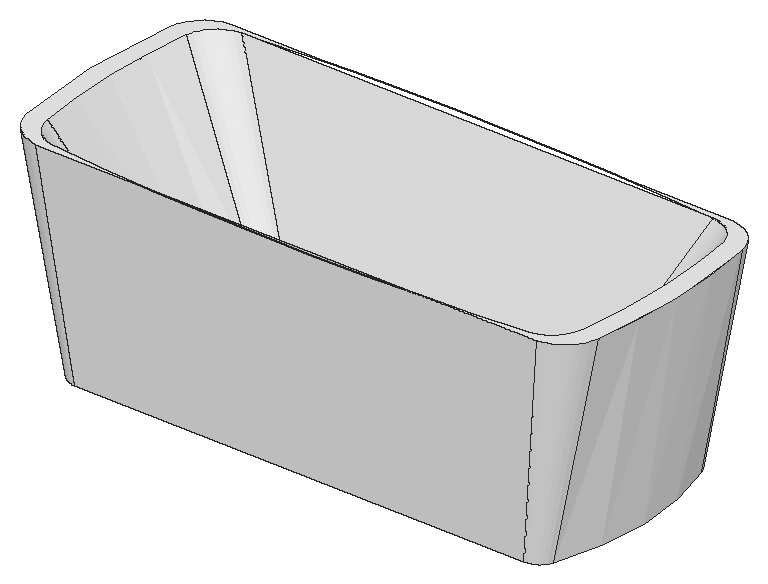
Revit family "Bathtub-Freestanding-DXV-Lyndon-D12536004", category Plumbing Fixtures, Revit 2014
Parameters (values of type "D12536004.415")
  Width = 67"
  Waste Connection Radius = 1 11/32"
  Waste Connection Diameter = Waste Connection Radius * 2  # 2 11/16"
  Waste Connection = yes
  WFU = 5
  Vent Connection = no
  URL = "www.dxv.com"
  Product Page URL = "https://www.dxv.com/product/lyndon-slim-freestanding-soaking-tub-by-dxv"
  Product Documentation Link = "https://dxv01.blob.core.windows.net/dxv-product-pdf-files/spec_D12536004_DXV_Lyndon_freestand_tub_EN.pdf"
  Price = "Prices may vary. Please consult manufacturer representative for most up to date price list."
  Model = "D12536.004"
  Material = "Acrylic-DXC-415-Canvas White"
  Manufacturer = "DXV"
  Length = 30 1/4"
  Installation Type = "Floor Mounted"
  Height = 24 1/2"
  HWFU = 0
  HW Connection = no
  Description = "Free Standing Center Drain Soaker - CWH"
  Default Elevation = 0"
  Creation Date = "14/11/2013"  # constant formula
  CWFU = 5
  CW Connection = no
  Body Material = Acrylic-DXC-415-Canvas White
  Assembly Code = "D2010510"
Reference planes (in)
  plane 1 "Center (Front/Back)": y = 0
  plane 2: z = 0
  plane 3 "Center (Left/Right)": x = 0
  plane 4: x = 21.07
  plane 5: x = -21.07
  plane 6: z = 24.5
  plane 7: z = 7.1875
  plane 8: y = -12.8
  plane 9: y = 12.8
  plane 10: x = 33.5
  plane 11: x = -33.5
  plane 12: y = -8.25
  plane 13: y = 8.25
  plane 14: y = 15.125
  plane 15: y = -15.125
  plane 16: x = 29.75
  plane 17: x = -29.75
Forms (in)
  Blend 1, solid, material "Acrylic-DXC-415-Canvas White" <- "Body Material"
    base sketch origin (0, 0, 0) x (1, 0, 0) y (0, 1, 0)
      loop
        arc (-28.62704, 13.97556) -> (-31.32823, 12.78767) -> (-32.71277, 10.18179) r 4.5
        arc (-32.71277, 10.18179) -> (-33.50002, 0) -> (-32.71277, -10.18179) r 66.23593
        arc (-32.71277, -10.18179) -> (-31.32823, -12.78767) -> (-28.62704, -13.97556) r 4.5
        arc (-28.62704, -13.97556) -> (0, -15.125) -> (28.62704, -13.97556) r 357.05734
        arc (28.62704, -13.97556) -> (31.32823, -12.78767) -> (32.71277, -10.18179) r 4.5
        arc (32.71277, -10.18179) -> (33.50002, 0) -> (32.71277, 10.18179) r 66.23593
        arc (32.71277, 10.18179) -> (31.32823, 12.78767) -> (28.62704, 13.97556) r 4.5
        arc (28.62704, 13.97556) -> (0, 15.125) -> (-28.62704, 13.97556) r 357.05734
    top sketch origin (0, 0, 0) x (1, 0, 0) y (0, 1, 0)
      loop
        arc (27.83821, 10.53055) -> (26.97308, 11.67004) -> (25.62478, 12.14855) r 2.5
        arc (25.62478, 12.14855) -> (0, 12.8) -> (-25.62478, 12.14855) r 504.30222
        arc (-25.62478, 12.14855) -> (-26.97308, 11.67004) -> (-27.83821, 10.53055) r 2.5
        arc (-27.83821, 10.53055) -> (-29.75, 0) -> (-27.83821, -10.53055) r 29.9582
        arc (-27.83821, -10.53055) -> (-26.97308, -11.67004) -> (-25.62478, -12.14855) r 2.5
        arc (-25.62478, -12.14855) -> (0, -12.8) -> (25.62478, -12.14855) r 504.30192
        arc (25.62478, -12.14855) -> (26.97308, -11.67004) -> (27.83821, -10.53055) r 2.5
        arc (27.83821, -10.53055) -> (29.75, 0) -> (27.83821, 10.53055) r 29.9582
    from 24.5 to 0
  Blend 2, void
    base sketch origin (0, 0, 0) x (1, 0, 0) y (0, 1, 0)
      loop
        arc (27.00914, 13.35707) -> (0, 14.41) -> (-27.00914, 13.35707) r 346.93713
        arc (-27.00914, 13.35707) -> (-29.43228, 12.2885) -> (-30.65676, 9.94029) r 4
        arc (-30.65676, 9.94029) -> (-31.37, 0) -> (-30.65676, -9.94029) r 69.62448
        arc (-30.65676, -9.94029) -> (-29.43228, -12.2885) -> (-27.00914, -13.35707) r 4
        arc (-27.00914, -13.35707) -> (0, -14.41) -> (27.00914, -13.35707) r 346.93713
        arc (27.00914, -13.35707) -> (29.43228, -12.2885) -> (30.65676, -9.94029) r 4
        arc (30.65676, -9.94029) -> (31.37, 0) -> (30.65676, 9.94029) r 69.62448
        arc (30.65676, 9.94029) -> (29.43228, 12.2885) -> (27.00914, 13.35707) r 4
    top sketch origin (0, 0, 0) x (1, 0, 0) y (0, 1, 0)
      loop
        arc (-17.74876, 7.61053) -> (-19.15452, 7.0752) -> (-20.0446, 5.86256) r 2.65807
        arc (-20.0446, 5.86256) -> (-21.07, 0) -> (-20.0446, -5.86256) r 17.27178
        arc (-20.0446, -5.86256) -> (-19.15452, -7.0752) -> (-17.74876, -7.61053) r 2.65807
        arc (-17.74876, -7.61053) -> (0.0276, -8.26904) -> (17.7998, -7.50633) r 222.64764
        arc (17.7998, -7.50633) -> (19.20521, -6.96098) -> (20.08852, -5.73937) r 2.66
        arc (20.08852, -5.73937) -> (21.07, 0) -> (20.08852, 5.73937) r 17.27178
        arc (20.08852, 5.73937) -> (19.20521, 6.96098) -> (17.7998, 7.50633) r 2.66
        arc (17.7998, 7.50633) -> (0.0276, 8.26904) -> (-17.74876, 7.61053) r 222.64764
    from 24.62 to 7.1875
  Extrusion 3, void
    sketch origin (0, 0, 0) x (1, 0, 0) y (0, 1, 0)
      loop
        circle (0, 0) r 1.34375
    from 0 to 7.49
Cuts and joins
  Blend 2, Extrusion 3 cuts Blend 1
Lines and regions (in)
  Masking region 1
    outline origin (0, 0, 0) x (1, 0, 0) y (0, 1, 0)
      loop
        arc (-28.62704, 13.97556) -> (-31.32823, 12.78767) -> (-32.71277, 10.18179) r 4.5
        arc (-32.71277, 10.18179) -> (-33.50002, 0) -> (-32.71277, -10.18179) r 66.23593
        arc (-32.71277, -10.18179) -> (-31.32823, -12.78767) -> (-28.62704, -13.97556) r 4.5
        arc (-28.62704, -13.97556) -> (0, -15.125) -> (28.62704, -13.97556) r 357.05734
        arc (28.62704, -13.97556) -> (31.32823, -12.78767) -> (32.71277, -10.18179) r 4.5
        arc (32.71277, -10.18179) -> (33.50002, 0) -> (32.71277, 10.18179) r 66.23593
        arc (32.71277, 10.18179) -> (31.32823, 12.78767) -> (28.62704, 13.97556) r 4.5
        arc (28.62704, 13.97556) -> (0, 15.125) -> (-28.62704, 13.97556) r 357.05734
  symbolic lines, style "PlumbingFixtures", detail levels medium+fine
    curve 1: arc (-30.65676, -9.94029, 0) -> (-31.37, 0, 0) -> (-30.65676, 9.94029, 0) r 69.62448
    curve 2: arc (-30.65676, 9.94029, 0) -> (-29.43228, 12.2885, 0) -> (-27.00914, 13.35707, 0) r 4
    curve 3: arc (-27.00914, 13.35707, 0) -> (0, 14.41, 0) -> (27.00914, 13.35707, 0) r 346.93713
    curve 4: arc (-27.00914, -13.35707, 0) -> (-29.43228, -12.2885, 0) -> (-30.65676, -9.94029, 0) r 4
    curve 5: arc (27.00914, -13.35707, 0) -> (0, -14.41, 0) -> (-27.00914, -13.35707, 0) r 346.93713
    curve 6: arc (30.65676, -9.94029, 0) -> (29.43228, -12.2885, 0) -> (27.00914, -13.35707, 0) r 4
    curve 7: arc (30.65676, 9.94029, 0) -> (31.37, 0, 0) -> (30.65676, -9.94029, 0) r 69.62448
    curve 8: arc (27.00914, 13.35707, 0) -> (29.43228, 12.2885, 0) -> (30.65676, 9.94029, 0) r 4
    curve 17: circle (0, 0, 0) r 1.0825 normal (0, 0, 1)
  symbolic lines, style "PlumbingFixtures", detail levels fine
    curve 9: arc (-17.74876, 7.61053, 0) -> (-19.15452, 7.0752, 0) -> (-20.0446, 5.86256, 0) r 2.65807
    curve 10: arc (-20.0446, 5.86256, 0) -> (-21.07, 0, 0) -> (-20.0446, -5.86256, 0) r 17.27178
    curve 11: arc (-20.0446, -5.86256, 0) -> (-19.15452, -7.0752, 0) -> (-17.74876, -7.61053, 0) r 2.65807
    curve 12: arc (-17.74876, -7.61053, 0) -> (0.0276, -8.26904, 0) -> (17.7998, -7.50633, 0) r 222.64764
    curve 13: arc (17.7998, -7.50633, 0) -> (19.20521, -6.96098, 0) -> (20.08852, -5.73937, 0) r 2.66
    curve 14: arc (20.08852, -5.73937, 0) -> (21.07, 0, 0) -> (20.08852, 5.73937, 0) r 17.27178
    curve 15: arc (20.08852, 5.73937, 0) -> (19.20521, 6.96098, 0) -> (17.7998, 7.50633, 0) r 2.66
    curve 16: arc (17.7998, 7.50633, 0) -> (0.0276, 8.26904, 0) -> (-17.74876, 7.61053, 0) r 222.64764
Dimensions and locks (in)
  plane 9 to plane 8 = 25.6"
  plane 5 to plane 4 = 42.14"  (x2)
  "Height": plane 6 to level
  plane 6 to plane 7 = 17 5/16"
  plane 11 to plane 10 = 67"
  plane 12 to plane 13 = 16 1/2"
  plane 11 to plane 3 "Center (Left/Right)" = 33 1/2"
  plane 11 to plane 5 = 12.43"
  plane 17 to plane 16 = 59 1/2"
Automatic sketch dimensions
  plane 1 "Center (Front/Back)" to curve 7 = 0"
  plane 1 "Center (Front/Back)" to curve 10 = 0"
  plane 1 "Center (Front/Back)" to curve 17 = 0"
  curve 17 to plane 3 "Center (Left/Right)" = 0"
  plane 3 "Center (Left/Right)" to curve 3 = 0"
  plane 3 "Center (Left/Right)" to curve 5 = 0"
  plane 1 "Center (Front/Back)" to curve 14 = 0"
  plane 1 "Center (Front/Back)" to curve 1 = 0"
  curve 12 to plane 3 "Center (Left/Right)" = 5/8"
  curve 16 to plane 3 "Center (Left/Right)" = 5/8"
  curve 10 to plane 3 "Center (Left/Right)" = 3.79822"
  curve 11 to plane 5 = 3.52567"
  curve 9 to plane 5 = 3.52567"
  plane 12 to curve 12 = 0.63947"
  curve 12 to curve 11 = 0.20443"
  plane 13 to curve 16 = 0.63947"
  curve 16 to curve 9 = 0.20443"
  curve 11 to curve 12 = 0"
  curve 9 to curve 16 = 0"
  curve 11 to curve 11 = 2.50027"
  curve 10 to curve 11 = 0"
  curve 9 to curve 9 = 2.50027"
  curve 2 to plane 13 = 1.11921"
  curve 4 to plane 12 = 1.11921"
  plane 9 to curve 2 = 0.55707"
  curve 2 to curve 2 = 0.3114"
  plane 8 to curve 5 = 0.55707"
  curve 5 to curve 4 = 0.3114"
  curve 3 to curve 2 = 0"
  curve 4 to curve 5 = 0"
  curve 2 to curve 1 = 0"
  curve 17 to curve 14 = 3.79822"
  curve 13 to plane 4 = 3.49032"
  curve 15 to plane 4 = 3.49032"
  curve 13 to curve 12 = 0.22012"
  curve 15 to curve 16 = 0.22012"
  curve 15 to curve 16 = 0"
  curve 13 to curve 12 = 0"
  curve 14 to curve 13 = 0"
  curve 6 to plane 12 = 1.11921"
  curve 8 to plane 13 = 1.11921"
  curve 6 to curve 5 = 0"
  curve 8 to curve 3 = 0"
  curve 7 to curve 8 = 0"
  plane 1 "Center (Front/Back)" to Blend 2 sketch curve = 0"  (x4)
  Blend 2 sketch curve to plane 3 "Center (Left/Right)" = 0"  (x2)
  Blend 2 sketch curve to plane 13 = 1.11921"  (x2)
  Blend 2 sketch curve to plane 12 = 1.11921"  (x2)
  plane 9 to Blend 2 sketch curve = 0.55707"
  Blend 2 sketch curve to Blend 2 sketch curve = 0.3114"  (x2)
  plane 8 to Blend 2 sketch curve = 0.55707"
  Blend 2 sketch curve to Blend 2 sketch curve = 0"  (x12)
  plane 11 to Blend 2 sketch curve = 4.75448"
  Blend 2 sketch curve to plane 5 = 1.0254"  (x2)
  plane 12 to Blend 2 sketch curve = 0.63947"
  Blend 2 sketch curve to Blend 2 sketch curve = 2.29584"  (x2)
  plane 13 to Blend 2 sketch curve = 0.63947"
  Blend 2 sketch curve to Blend 2 sketch curve = 0.20443"
  Blend 2 sketch curve to plane 3 "Center (Left/Right)" = 3.79822"
  Blend 2 sketch curve to plane 3 "Center (Left/Right)" = 5/8"  (x2)
  plane 3 "Center (Left/Right)" to Blend 2 sketch curve = 3.79822"
  Blend 2 sketch curve to plane 4 = 3.49032"  (x2)
  plane 12 to Blend 2 sketch curve = 0.74367"
  Blend 2 sketch curve to Blend 2 sketch curve = 0.22012"  (x2)
  plane 1 "Center (Front/Back)" to Extrusion 3 sketch curve = 0"
  Extrusion 3 sketch curve to plane 3 "Center (Left/Right)" = 0"
  plane 4 to curve 6 = 5.62774"
  plane 4 to curve 8 = 5.62774"
  plane 4 to Blend 2 sketch curve = 5.62774"  (x2)
  Blend 2 sketch curve to Blend 2 sketch curve = 7.59772"  (x2)
  Blend 2 sketch curve to Blend 2 sketch curve = 3.64762"
  curve 4 to curve 11 = 6.65314"
  curve 2 to curve 10 = 6.65314"
  curve 1 to curve 4 = 3.95902"
  plane 11 to curve 7 = 4.75448"
  plane 1 "Center (Front/Back)" to Blend 1 sketch curve = 0"  (x4)
  Blend 1 sketch curve to plane 3 "Center (Left/Right)" = 0"  (x4)
  Blend 1 sketch curve to plane 13 = 1.24005"
  Blend 1 sketch curve to plane 17 = 1.48375"  (x2)
  Blend 1 sketch curve to plane 12 = 1.24005"  (x2)
  Blend 1 sketch curve to plane 14 = 1.14944"
  Blend 1 sketch curve to Blend 1 sketch curve = 0.36079"  (x2)
  Blend 1 sketch curve to plane 15 = 1.14944"
  Blend 1 sketch curve to Blend 1 sketch curve = 0"  (x12)
  Blend 1 sketch curve to plane 11 = 0.76409"
  Blend 1 sketch curve to plane 11 = 0.78723"
  Blend 1 sketch curve to plane 16 = 1.48375"  (x2)
  Blend 1 sketch curve to plane 16 = 1.12296"
  plane 1 "Center (Front/Back)" to Masking region 1 sketch curve = 0"  (x2)
  Masking region 1 sketch curve to plane 11 = 0.78723"  (x2)
  Masking region 1 sketch curve to Masking region 1 sketch curve = 0"  (x7)
  Masking region 1 sketch curve to plane 17 = 1.12296"  (x2)
  Masking region 1 sketch curve to plane 17 = 1.48375"
  Masking region 1 sketch curve to plane 10 = 0.76409"
  Masking region 1 sketch curve to plane 12 = 1.93179"
  Masking region 1 sketch curve to plane 12 = 1.24005"  (x2)
  Masking region 1 sketch curve to plane 3 "Center (Left/Right)" = 0"
  Masking region 1 sketch curve to plane 16 = 1.12296"  (x2)
  Masking region 1 sketch curve to plane 10 = 0.78723"  (x2)
  Masking region 1 sketch curve to plane 13 = 1.24005"
  Blend 1 sketch curve to plane 3 "Center (Left/Right)" = 0.2082"
  Blend 1 sketch curve to plane 12 = 1.40178"  (x2)
  Blend 1 sketch curve to plane 17 = 4.25225"  (x2)
  Blend 1 sketch curve to plane 13 = 1.40178"  (x2)
  Blend 1 sketch curve to plane 9 = 0.65145"
  Blend 1 sketch curve to Blend 1 sketch curve = 0.12703"  (x2)
  Blend 1 sketch curve to plane 8 = 0.65145"
  Blend 1 sketch curve to plane 17 = 1.91179"
  plane 4 to Blend 1 sketch curve = 4.42775"
  Blend 1 sketch curve to plane 16 = 4.25225"
  radius of curve 17 = 1.0825"
  radius of Extrusion 3 sketch curve = 1 11/32"
Connectors (in)
  piping at (0, 0, 0), diameter 2.6875, driven by "Waste Connection Radius", driven by "WFU"
    settings: on cut or joined group of Blend 1, Blend 2, Extrusion 3, index 1, connector inside diameter 2 11/16", connector length 0", flow factor 0, pipe flow 0 GPM, pressure drop 0.00 psi, fitting loss kfactor 0, connector angle 0.00°, fixture units 5, engagement length 0", angle of deflection 0.00°, flow configuration 3, flow direction 2, fitting loss method 0, system type 16, joint type 0, gender type 0, connector reference index -1, connector utility 0, adjustable connector no, is connector primary yes, connector description "2-11/16\" Drain Outlet"
